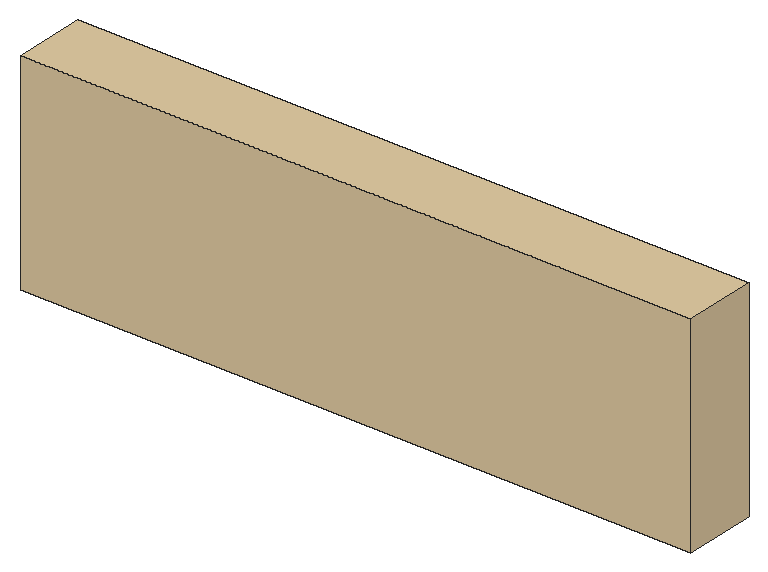
Revit family
Parameters (values of type "5.125x15")
  Start Extension Calculation [instance] = 10' 0" + Start Extension  # 10' - 0"
  Start Extension [instance] = 0' - 0"
  End Extension Calculation [instance] = 10' 0" + End Extension  # 10' - 0"
  End Extension [instance] = 0' - 0"
  Beam Material [instance] = Wood - Dimensional Lumber
  A = 76.88 in²
  Assembly Code = "B10"
  Ix = 1441
  Iy = 168.3
  Laminations = "10"
  Length [instance] = 5' - 0"
  Sx = 192.2
  Sy = 65.66
  b = 0' - 5 1/8"
  d = 1' - 3"
Types (2): name | A | Ix | Iy | Laminations | Sx | Sy | b | d
  5.125x15 | 76.88 in² | 1441 | 168.3 | "10" | 192.2 | 65.66 | 0' - 5 1/8" | 1' - 3"
  3.125x12 | 37.50 in² | 450 | 30.52 | "8" | 75 | 19.53 | 0' - 3 1/8" | 1' - 0"
Reference planes (in)
  plane 1 "Center (Front/Back)": y = 0
  plane 2: z = 0
  plane 3 "Center (Left/Right)": x = 0.1815
  plane 4 "Member Left": x = -23.8185
  plane 5 "Member Right": x = 24.1815
  plane 6: y = 2.5625
  plane 7: y = -2.5625
  plane 8: z = 7.5
  plane 9: z = -7.5
  plane 10 "Left": x = -29.8185
  plane 11 "Stick Symbol Left": x = -17.8185
  plane 12 "Stick Symbol Right": x = 18.1815
  plane 13 "Right": x = 30.1815
  plane 14: x = -23.8185
  plane 15: x = 24.1815
  plane 16: x = -95.8185
  plane 17: x = 96.1815
Forms (in)
  Sweep 1, solid, material "Wood - Dimensional Lumber" <- "Beam Material", detail levels medium+fine
    path origin (0, 0, 0) x (1, 0, 0) y (0, 1, 0)
      loop
        line (24.1815, 0) -> (-23.8185, 0)
    profile "Rectangular Wood Beam-Profile : Rectangular Wood Beam-Profile" origin (0.1815, 0, 0) x (0, -1, 0) y (0, 0, 1)
      loop
        line (-2.5625, -7.5) -> (2.5625, -7.5) -> (2.5625, 7.5) -> (-2.5625, 7.5) -> (-2.5625, -7.5)
Lines and regions (in)
  symbolic lines, style "Stick Symbols", detail levels coarse
    curve 1: line (0.1815, 2.5625, 7.5) -> (0.1815, -2.5625, 7.5)
    curve 2: line (0.1815, -2.5625, -7.5) -> (0.1815, 2.5625, -7.5)
    curve 3: line (0.1815, -2.5625, 7.5) -> (0.1815, -2.5625, -7.5)
    curve 4: line (0.1815, 2.5625, -7.5) -> (0.1815, 2.5625, 7.5)
Dimensions and locks (in)
  "b": plane 6 to plane 7
  "d": plane 9 to plane 8
  equal spacing: plane 9, plane 2, plane 8
  equal spacing: plane 6, plane 1 "Center (Front/Back)", plane 7
  "Length": plane 10 "Left" to plane 13 "Right"
  locked: plane 4 "Member Left" to plane 17 at 120
  locked: plane 16 to plane 5 "Member Right" at 120
  "Start Extension Calculation": plane 14 to plane 17
  "End Extension Calculation": plane 16 to plane 15
  aligned and locked: Sweep 1 sketch curve to plane 1 "Center (Front/Back)"
  aligned and locked: curve 1 to Sweep 1
  aligned and locked: curve 2 to Sweep 1
  aligned and locked: curve 3 to Sweep 1
  aligned and locked: curve 4 to Sweep 1
  aligned and locked: plane 14 to Sweep 1 sketch curve
  aligned and locked: plane 15 to Sweep 1 sketch curve
